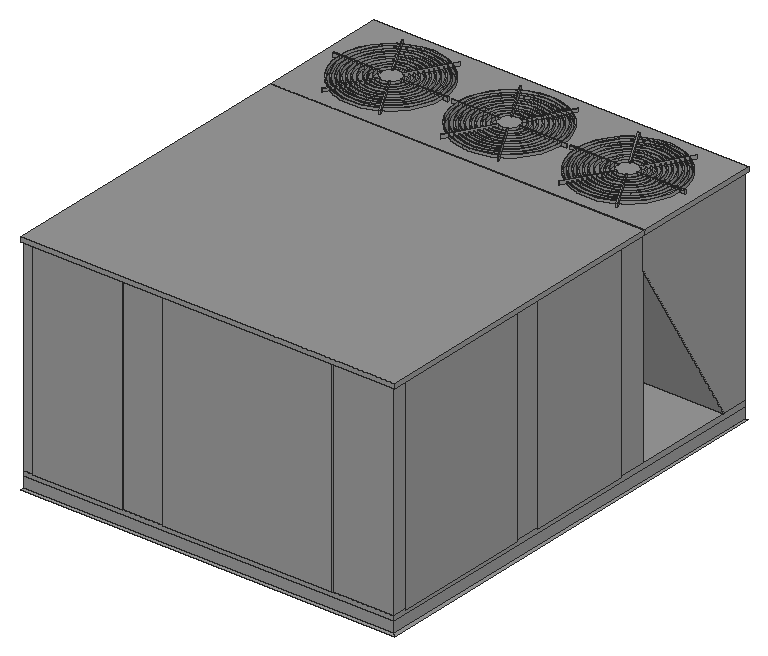
Revit family "RTU-3", category Mechanical Equipment, host Face, Revit 2025
Family settings
  Host = Face
  Round Connector Dimension = Use Diameter
  Classification = None
  Part Type = Normal
  Cut with Voids When Loaded = No
  Maintain Annotation Orientation = Yes
  Shared = No
  Room Calculation Point = No
Parameters (values of type "LCH 156 H4B L 1Y")
  URL = "https://tech.lennoxintl.com/C03e7o14l/VIu12Ch2uV/ehb_lch_cbox_2109.pdf"
  Model = "LCH 156 H4B L 1Y"
  Material = Aluminum 1100-O
  Manufacturer = "LENNOX"
  Grill Material = Steel, Paint Finish, Dark Gray
  Default Elevation = 48"
Reference planes (in)
  plane 1 "Center (Front/Back)": y = 0
  plane 2: z = 0
  plane 3 "Center (Left/Right)": x = 0
  plane 4: z = 53.5625
  plane 5: x = 44.5625
  plane 6: x = -44.5625
  plane 7: y = -52.75
  plane 8: y = 22.0625
  plane 9: z = 45.75
  plane 10: z = 54.625
  plane 11: y = 52.75
  plane 12: y = 46.375
  plane 13: x = -28.53125
  plane 14: y = 37.65625
  plane 15: x = 28.53125
  plane 16: x = 0
  plane 17: x = -12.5
  plane 18: x = 12.5
  plane 19: x = -30.90625
  plane 20: x = -31.90625
  plane 21: x = -32.90625
  plane 22: x = -33.90625
  plane 23: x = -34.90625
  plane 24: x = -35.90625
  plane 25: x = -36.90625
  plane 26: x = -37.90625
  plane 27: x = -38.90625
  plane 28: x = -39.90625
  plane 29: x = -40.90625
  plane 30: x = -42.34375
  plane 31: x = -41.03125
  plane 32: z = 55.25
  plane 33: x = -14.71875
  plane 34: x = -16.03125
  plane 35: through (-28.53125, 37.65625, 55) normal (-0.7071, -0.7071, 0)
  plane 36: through (-28.53125, 37.65625, 55) normal (-0.7071, 0.7071, 0)
  plane 37: through (-28.53125, 37.65625, 55) normal (0.7071, -0.7071, 0)
  plane 38: through (-28.53125, 37.65625, 55) normal (0.7071, 0.7071, 0)
  plane 39: x = -30.90625
  plane 40: x = -31.90625
  plane 41: x = -32.90625
  plane 42: x = -33.90625
  plane 43: x = -34.90625
  plane 44: x = -35.90625
  plane 45: x = -36.90625
  plane 46: x = -37.90625
  plane 47: x = -38.90625
  plane 48: x = -39.90625
  plane 49: x = -40.90625
  plane 50: x = -42.34375
  plane 51: x = -41.03125
  plane 52: x = -14.71875
  plane 53: x = -16.03125
  plane 54: x = -2.375
  plane 55: x = -3.375
  plane 56: x = -4.375
  plane 57: x = -5.375
  plane 58: x = -6.375
  plane 59: x = -7.375
  plane 60: x = -8.375
  plane 61: x = -9.375
  plane 62: x = -10.375
  plane 63: x = -11.375
  plane 64: x = -12.375
  plane 65: x = -13.8125
  plane 66: x = -12.5
  plane 67: x = 13.8125
  plane 68: x = 12.5
  plane 69: x = 26.15625
  plane 70: x = 25.15625
  plane 71: x = 24.15625
  plane 72: x = 23.15625
  plane 73: x = 22.15625
  plane 74: x = 21.15625
  plane 75: x = 20.15625
  plane 76: x = 19.15625
  plane 77: x = 18.15625
  plane 78: x = 17.15625
  plane 79: x = 16.15625
  plane 80: x = 14.71875
  plane 81: x = 16.03125
  plane 82: x = 42.34375
  plane 83: x = 41.03125
  plane 84: through (-34.15405, 50.35923, 110.75) normal (0.5, -0.866, 0)
  plane 85: through (-34.78125, 48.48157, 110.75) normal (-0.5, 0.866, 0)
  plane 86: through (-22.90845, 50.35923, 110.75) normal (0.5, 0.866, 0)
  plane 87: through (-22.28125, 48.48157, 110.75) normal (-0.5, -0.866, 0)
  plane 88: through (-34.15405, 24.95327, 110.75) normal (-0.5, -0.866, 0)
  plane 89: through (-34.78125, 26.83093, 110.75) normal (0.5, 0.866, 0)
  plane 90: through (-22.90845, 24.95327, 110.75) normal (-0.5, 0.866, 0)
  plane 91: through (-22.28125, 26.83093, 110.75) normal (0.5, -0.866, 0)
  plane 92: through (-34.15405, 50.35923, 110.75) normal (0.5, -0.866, 0)
  plane 93: through (-34.78125, 48.48157, 110.75) normal (-0.5, 0.866, 0)
  plane 94: through (-22.90845, 50.35923, 110.75) normal (0.5, 0.866, 0)
  plane 95: through (-22.28125, 48.48157, 110.75) normal (-0.5, -0.866, 0)
  plane 96: through (-34.15405, 24.95327, 110.75) normal (-0.5, -0.866, 0)
  plane 97: through (-34.78125, 26.83093, 110.75) normal (0.5, 0.866, 0)
  plane 98: through (-22.90845, 24.95327, 110.75) normal (-0.5, 0.866, 0)
  plane 99: through (-22.28125, 26.83093, 110.75) normal (0.5, -0.866, 0)
  plane 100: through (-5.6228, 50.35923, 110.75) normal (0.5, -0.866, 0)
  plane 101: through (-6.25, 48.48157, 110.75) normal (-0.5, 0.866, 0)
  plane 102: through (5.6228, 50.35923, 110.75) normal (0.5, 0.866, 0)
  plane 103: through (6.25, 48.48157, 110.75) normal (-0.5, -0.866, 0)
  plane 104: through (-5.6228, 24.95327, 110.75) normal (-0.5, -0.866, 0)
  plane 105: through (-6.25, 26.83093, 110.75) normal (0.5, 0.866, 0)
  plane 106: through (5.6228, 24.95327, 110.75) normal (-0.5, 0.866, 0)
  plane 107: through (6.25, 26.83093, 110.75) normal (0.5, -0.866, 0)
  plane 108: through (22.90845, 50.35923, 110.75) normal (0.5, -0.866, 0)
  plane 109: through (22.28125, 48.48157, 110.75) normal (-0.5, 0.866, 0)
  plane 110: through (34.15405, 50.35923, 110.75) normal (0.5, 0.866, 0)
  plane 111: through (34.78125, 48.48157, 110.75) normal (-0.5, -0.866, 0)
  plane 112: through (22.90845, 24.95327, 110.75) normal (-0.5, -0.866, 0)
  plane 113: through (22.28125, 26.83093, 110.75) normal (0.5, 0.866, 0)
  plane 114: through (34.15405, 24.95327, 110.75) normal (-0.5, 0.866, 0)
  plane 115: through (34.78125, 26.83093, 110.75) normal (0.5, -0.866, 0)
  plane 116: x = 44.5625
  plane 117: x = -8.4375
Forms (in)
  Extrusion 1, solid, material "Aluminum 1100-O" <- "Material"
    sketch origin (0, 0, 0) x (1, 0, 0) y (0, 1, 0)
      loop
        line (-44.5625, 22.0625) -> (-44.5625, -52.75) -> (44.5625, -52.75) -> (44.5625, 22.0625) -> (-44.5625, 22.0625)
    from 4.125 to 53.5625
  Extrusion 2, solid, material "Aluminum 1100-O" <- "Material"
    sketch origin (0, 0, -50.125) x (1, 0, 0) y (0, 1, 0)
      loop
        line (-44.5625, 52.75) -> (-44.5625, -52.75) -> (44.5625, -52.75) -> (44.5625, 52.75) -> (-44.5625, 52.75)
    from 53.0625 to 54.25
  Extrusion 3, solid, material "Aluminum 1100-O" <- "Material"
    sketch origin (0, 0, -51.3125) x (1, 0, 0) y (0, 1, 0)
      loop
        line (-44.5625, 52.75) -> (-44.5625, -52.75) -> (44.5625, -52.75) -> (44.5625, 52.75) -> (-44.5625, 52.75)
    from 51.6875 to 54.25
  Blend 4, solid, material "Aluminum 1100-O" <- "Material"
    base sketch origin (0, 0, 0) x (1, 0, 0) y (0, 1, 0)
      loop
        line (-45.0625, 53.25) -> (-45.0625, -53.25) -> (45.0625, -53.25) -> (45.0625, 53.25) -> (-45.0625, 53.25)
    top sketch origin (0, 0, 0) x (1, 0, 0) y (0, 1, 0)
      loop
        line (-44.5625, 52.75) -> (-44.5625, -52.75) -> (44.5625, -52.75) -> (44.5625, 52.75) -> (-44.5625, 52.75)
    from 0 to 0.375
  Extrusion 5, solid, material "Aluminum 1100-O" <- "Material"
    sketch origin (0, 0, 0) x (0, 1, 0) y (0, 0, 1)
      loop
        line (22.0625, 45.75) -> (46.375, 4.125) -> (52.75, 4.125) -> (52.75, 53.5625) -> (22.0625, 53.5625) -> (22.0625, 45.75)
    from -44.5625 to 44.5625
  Extrusion 6, solid, material "Aluminum 1100-O" <- "Material"
    sketch origin (0, 0, 0) x (1, 0, 0) y (0, 1, 0)
      loop
        line (-45.0625, 22.0625) -> (-45.0625, -53.25) -> (45.0625, -53.25) -> (45.0625, 22.0625) -> (-45.0625, 22.0625)
    from 53.5625 to 54.625
  Extrusion 7, solid, material "Aluminum 1100-O" <- "Material"
    sketch origin (0, 75.3125, 0) x (1, 0, 0) y (0, 1, 0)
      loop
        line (-45.0625, -22.0625) -> (-45.0625, -53.25) -> (45.0625, -53.25) -> (45.0625, -22.0625) -> (-45.0625, -22.0625)
    from 53.5625 to 54.625
  Extrusion 8, void
    sketch origin (-8.58719, -1.71744, 0) x (1, 0, 0) y (0, 1, 0)
      loop
        circle (8.58719, 39.37369) r 12.5
      loop
        circle (-19.94406, 39.37369) r 12.5
      loop
        circle (37.11844, 39.37369) r 12.5
    from 45.45857 to 54.625
  Extrusion 9, solid, material "Steel, Paint Finish, Dark Gray" <- "Grill Material"
    sketch origin (0, 0, 54.625) x (1, 0, 0) y (0, 1, 0)
      loop
        circle (-28.53125, 37.65625) r 2.375
      loop
        circle (-28.53125, 37.65625) r 3.375
      loop
        circle (-28.53125, 37.65625) r 3.5
      loop
        circle (-28.53125, 37.65625) r 4.375
      loop
        circle (-28.53125, 37.65625) r 5.25
      loop
        circle (-28.53125, 37.65625) r 4.5
      loop
        circle (-28.53125, 37.65625) r 5.375
      loop
        circle (-28.53125, 37.65625) r 6.375
      loop
        circle (-28.53125, 37.65625) r 7.375
      loop
        circle (-28.53125, 37.65625) r 9.375
      loop
        circle (-28.53125, 37.65625) r 10.375
      loop
        circle (-28.53125, 37.65625) r 11.375
      loop
        circle (-28.53125, 37.65625) r 12.375
      loop
        circle (-28.53125, 37.65625) r 12.5
      loop
        circle (-28.53125, 37.65625) r 7.5
      loop
        circle (-28.53125, 37.65625) r 9.5
      loop
        circle (-28.53125, 37.65625) r 10.5
      loop
        circle (-28.53125, 37.65625) r 11.5
      loop
        circle (-28.53125, 37.65625) r 8.375
      loop
        circle (-28.53125, 37.65625) r 8.5
      loop
        circle (-28.53125, 37.65625) r 6.5
    from 0 to 0.625
  Extrusion 10, solid, material "Steel, Paint Finish, Dark Gray" <- "Grill Material"
    sketch origin (0, 0, 55.75) x (1, 0, 0) y (0, 1, 0)
      loop
        line (-42.34375, 37.78125) -> (-42.34375, 37.53125) -> (-30.90296, 37.53125)
        arc (-30.90296, 37.53125) -> (-30.90543, 37.59373) -> (-30.90625, 37.65625) r 2.375
        arc (-30.90625, 37.65625) -> (-30.90543, 37.71877) -> (-30.90296, 37.78125) r 2.375
        line (-30.90296, 37.78125) -> (-42.34375, 37.78125)
    from -1.125 to -0.3427
  Extrusion 11, solid, material "Steel, Paint Finish, Dark Gray" <- "Grill Material"
    sketch origin (-57.0625, 0, 55.75) x (-1, 0, 0) y (0, -1, 0)
      loop
        line (-42.34375, -37.78125) -> (-30.90296, -37.78125)
        arc (-30.90296, -37.78125) -> (-30.90543, -37.71877) -> (-30.90625, -37.65625) r 2.375
        arc (-30.90625, -37.65625) -> (-30.90543, -37.59373) -> (-30.90296, -37.53125) r 2.375
        line (-30.90296, -37.53125) -> (-42.34375, -37.53125) -> (-42.34375, -37.78125)
    from -1.125 to -0.3427
  Extrusion 12, solid, material "Steel, Paint Finish, Dark Gray" <- "Grill Material", not visible
    sketch origin (0, 0, 54.625) x (1, 0, 0) y (0, 1, 0)
      loop
        circle (-28.53125, 37.65625) r 2.375
      loop
        circle (-28.53125, 37.65625) r 3.375
      loop
        circle (-28.53125, 37.65625) r 3.5
      loop
        circle (-28.53125, 37.65625) r 4.375
      loop
        circle (-28.53125, 37.65625) r 5.25
      loop
        circle (-28.53125, 37.65625) r 4.5
      loop
        circle (-28.53125, 37.65625) r 5.375
      loop
        circle (-28.53125, 37.65625) r 6.375
      loop
        circle (-28.53125, 37.65625) r 7.375
      loop
        circle (-28.53125, 37.65625) r 9.375
      loop
        circle (-28.53125, 37.65625) r 10.375
      loop
        circle (-28.53125, 37.65625) r 11.375
      loop
        circle (-28.53125, 37.65625) r 12.375
      loop
        circle (-28.53125, 37.65625) r 12.5
      loop
        circle (-28.53125, 37.65625) r 7.5
      loop
        circle (-28.53125, 37.65625) r 9.5
      loop
        circle (-28.53125, 37.65625) r 10.5
      loop
        circle (-28.53125, 37.65625) r 11.5
      loop
        circle (-28.53125, 37.65625) r 8.375
      loop
        circle (-28.53125, 37.65625) r 8.5
      loop
        circle (-28.53125, 37.65625) r 6.5
    from 0 to 0.625
  Extrusion 13, solid, material "Steel, Paint Finish, Dark Gray" <- "Grill Material", not visible
    sketch origin (0, 0, 55.75) x (1, 0, 0) y (0, 1, 0)
      loop
        line (-42.34375, 37.78125) -> (-42.34375, 37.53125) -> (-30.90296, 37.53125)
        arc (-30.90296, 37.53125) -> (-30.90543, 37.59373) -> (-30.90625, 37.65625) r 2.375
        arc (-30.90625, 37.65625) -> (-30.90543, 37.71877) -> (-30.90296, 37.78125) r 2.375
        line (-30.90296, 37.78125) -> (-42.34375, 37.78125)
    from -1.125 to -0.3427
  Extrusion 14, solid, material "Steel, Paint Finish, Dark Gray" <- "Grill Material", not visible
    sketch origin (-57.0625, 0, 55.75) x (-1, 0, 0) y (0, -1, 0)
      loop
        line (-42.34375, -37.78125) -> (-30.90296, -37.78125)
        arc (-30.90296, -37.78125) -> (-30.90543, -37.71877) -> (-30.90625, -37.65625) r 2.375
        arc (-30.90625, -37.65625) -> (-30.90543, -37.59373) -> (-30.90296, -37.53125) r 2.375
        line (-30.90296, -37.53125) -> (-42.34375, -37.53125) -> (-42.34375, -37.78125)
    from -1.125 to -0.3427
  Extrusion 15, solid, material "Steel, Paint Finish, Dark Gray" <- "Grill Material"
    sketch origin (28.53125, 0, 54.625) x (1, 0, 0) y (0, 1, 0)
      loop
        circle (-28.53125, 37.65625) r 2.375
      loop
        circle (-28.53125, 37.65625) r 3.375
      loop
        circle (-28.53125, 37.65625) r 3.5
      loop
        circle (-28.53125, 37.65625) r 4.375
      loop
        circle (-28.53125, 37.65625) r 5.25
      loop
        circle (-28.53125, 37.65625) r 4.5
      loop
        circle (-28.53125, 37.65625) r 5.375
      loop
        circle (-28.53125, 37.65625) r 6.375
      loop
        circle (-28.53125, 37.65625) r 7.375
      loop
        circle (-28.53125, 37.65625) r 9.375
      loop
        circle (-28.53125, 37.65625) r 10.375
      loop
        circle (-28.53125, 37.65625) r 11.375
      loop
        circle (-28.53125, 37.65625) r 12.375
      loop
        circle (-28.53125, 37.65625) r 12.5
      loop
        circle (-28.53125, 37.65625) r 7.5
      loop
        circle (-28.53125, 37.65625) r 9.5
      loop
        circle (-28.53125, 37.65625) r 10.5
      loop
        circle (-28.53125, 37.65625) r 11.5
      loop
        circle (-28.53125, 37.65625) r 8.375
      loop
        circle (-28.53125, 37.65625) r 8.5
      loop
        circle (-28.53125, 37.65625) r 6.5
    from 0 to 0.625
  Extrusion 16, solid, material "Steel, Paint Finish, Dark Gray" <- "Grill Material"
    sketch origin (28.53125, 0, 55.75) x (1, 0, 0) y (0, 1, 0)
      loop
        line (-42.34375, 37.78125) -> (-42.34375, 37.53125) -> (-30.90296, 37.53125)
        arc (-30.90296, 37.53125) -> (-30.90543, 37.59373) -> (-30.90625, 37.65625) r 2.375
        arc (-30.90625, 37.65625) -> (-30.90543, 37.71877) -> (-30.90296, 37.78125) r 2.375
        line (-30.90296, 37.78125) -> (-42.34375, 37.78125)
    from -1.125 to -0.3427
  Extrusion 17, solid, material "Steel, Paint Finish, Dark Gray" <- "Grill Material"
    sketch origin (-28.53125, 0, 55.75) x (-1, 0, 0) y (0, -1, 0)
      loop
        line (-42.34375, -37.78125) -> (-30.90296, -37.78125)
        arc (-30.90296, -37.78125) -> (-30.90543, -37.71877) -> (-30.90625, -37.65625) r 2.375
        arc (-30.90625, -37.65625) -> (-30.90543, -37.59373) -> (-30.90296, -37.53125) r 2.375
        line (-30.90296, -37.53125) -> (-42.34375, -37.53125) -> (-42.34375, -37.78125)
    from -1.125 to -0.3427
  Extrusion 18, solid, material "Steel, Paint Finish, Dark Gray" <- "Grill Material"
    sketch origin (57.0625, 0, 54.625) x (1, 0, 0) y (0, 1, 0)
      loop
        circle (-28.53125, 37.65625) r 2.375
      loop
        circle (-28.53125, 37.65625) r 3.375
      loop
        circle (-28.53125, 37.65625) r 3.5
      loop
        circle (-28.53125, 37.65625) r 4.375
      loop
        circle (-28.53125, 37.65625) r 5.25
      loop
        circle (-28.53125, 37.65625) r 4.5
      loop
        circle (-28.53125, 37.65625) r 5.375
      loop
        circle (-28.53125, 37.65625) r 6.375
      loop
        circle (-28.53125, 37.65625) r 7.375
      loop
        circle (-28.53125, 37.65625) r 9.375
      loop
        circle (-28.53125, 37.65625) r 10.375
      loop
        circle (-28.53125, 37.65625) r 11.375
      loop
        circle (-28.53125, 37.65625) r 12.375
      loop
        circle (-28.53125, 37.65625) r 12.5
      loop
        circle (-28.53125, 37.65625) r 7.5
      loop
        circle (-28.53125, 37.65625) r 9.5
      loop
        circle (-28.53125, 37.65625) r 10.5
      loop
        circle (-28.53125, 37.65625) r 11.5
      loop
        circle (-28.53125, 37.65625) r 8.375
      loop
        circle (-28.53125, 37.65625) r 8.5
      loop
        circle (-28.53125, 37.65625) r 6.5
    from 0 to 0.625
  Extrusion 19, solid, material "Steel, Paint Finish, Dark Gray" <- "Grill Material"
    sketch origin (57.0625, 0, 55.75) x (1, 0, 0) y (0, 1, 0)
      loop
        line (-42.34375, 37.78125) -> (-42.34375, 37.53125) -> (-30.90296, 37.53125)
        arc (-30.90296, 37.53125) -> (-30.90543, 37.59373) -> (-30.90625, 37.65625) r 2.375
        arc (-30.90625, 37.65625) -> (-30.90543, 37.71877) -> (-30.90296, 37.78125) r 2.375
        line (-30.90296, 37.78125) -> (-42.34375, 37.78125)
    from -1.125 to -0.3427
  Extrusion 20, solid, material "Steel, Paint Finish, Dark Gray" <- "Grill Material"
    sketch origin (0, 0, 55.75) x (-1, 0, 0) y (0, -1, 0)
      loop
        line (-42.34375, -37.78125) -> (-30.90296, -37.78125)
        arc (-30.90296, -37.78125) -> (-30.90543, -37.71877) -> (-30.90625, -37.65625) r 2.375
        arc (-30.90625, -37.65625) -> (-30.90543, -37.59373) -> (-30.90296, -37.53125) r 2.375
        line (-30.90296, -37.53125) -> (-42.34375, -37.53125) -> (-42.34375, -37.78125)
    from -1.125 to -0.3427
  Extrusion 21, void
    sketch origin (0, 0, 0) x (1, 0, 0) y (0, 1, 0)
      loop
        line (-41.4375, 20.5) -> (-41.4375, -39.5) -> (-26.4375, -39.5) -> (-26.4375, 20.5) -> (-41.4375, 20.5)
      loop
        line (-8.4375, 20.5) -> (-8.4375, -39.5) -> (11.5625, -39.5) -> (11.5625, 20.5) -> (-8.4375, 20.5)
      loop
        line (33.0625, -44.25) -> (33.0625, -49.25) -> (41.0625, -49.25) -> (41.0625, -44.25) -> (33.0625, -44.25)
    from 0 to 12
  Extrusion 22, solid, material "Steel, Paint Finish, Dark Gray" <- "Grill Material"
    sketch origin (-46.87689, -5.88066, 55.75) x (0.5, -0.866025, 0) y (0.866025, 0.5, 0)
      loop
        line (-42.34375, 37.78125) -> (-42.34375, 37.53125) -> (-30.90296, 37.53125)
        arc (-30.90296, 37.53125) -> (-30.90543, 37.59373) -> (-30.90625, 37.65625) r 2.375
        arc (-30.90625, 37.65625) -> (-30.90543, 37.71877) -> (-30.90296, 37.78125) r 2.375
        line (-30.90296, 37.78125) -> (-42.34375, 37.78125)
    from -1.125 to -0.3427
  Extrusion 23, solid, material "Steel, Paint Finish, Dark Gray" <- "Grill Material"
    sketch origin (-10.18561, -5.88066, 55.75) x (-0.5, -0.866025, 0) y (0.866025, -0.5, 0)
      loop
        line (-42.34375, -37.78125) -> (-30.90296, -37.78125)
        arc (-30.90296, -37.78125) -> (-30.90543, -37.71877) -> (-30.90625, -37.65625) r 2.375
        arc (-30.90625, -37.65625) -> (-30.90543, -37.59373) -> (-30.90296, -37.53125) r 2.375
        line (-30.90296, -37.53125) -> (-42.34375, -37.53125) -> (-42.34375, -37.78125)
    from -1.125 to -0.3427
  Extrusion 24, solid, material "Steel, Paint Finish, Dark Gray" <- "Grill Material"
    sketch origin (-46.87689, 81.19316, 55.75) x (0.5, 0.866025, 0) y (-0.866025, 0.5, 0)
      loop
        line (-42.34375, -37.78125) -> (-30.90296, -37.78125)
        arc (-30.90296, -37.78125) -> (-30.90543, -37.71877) -> (-30.90625, -37.65625) r 2.375
        arc (-30.90625, -37.65625) -> (-30.90543, -37.59373) -> (-30.90296, -37.53125) r 2.375
        line (-30.90296, -37.53125) -> (-42.34375, -37.53125) -> (-42.34375, -37.78125)
    from -1.125 to -0.3427
  Extrusion 25, solid, material "Steel, Paint Finish, Dark Gray" <- "Grill Material"
    sketch origin (-10.18561, 81.19316, 55.75) x (-0.5, 0.866025, 0) y (-0.866025, -0.5, 0)
      loop
        line (-42.34375, 37.78125) -> (-42.34375, 37.53125) -> (-30.90296, 37.53125)
        arc (-30.90296, 37.53125) -> (-30.90543, 37.59373) -> (-30.90625, 37.65625) r 2.375
        arc (-30.90625, 37.65625) -> (-30.90543, 37.71877) -> (-30.90296, 37.78125) r 2.375
        line (-30.90296, 37.78125) -> (-42.34375, 37.78125)
    from -1.125 to -0.3427
  Extrusion 26, solid, material "Steel, Paint Finish, Dark Gray" <- "Grill Material", not visible
    sketch origin (-46.87689, -5.88066, 55.75) x (0.5, -0.866025, 0) y (0.866025, 0.5, 0)
      loop
        line (-42.34375, 37.78125) -> (-42.34375, 37.53125) -> (-30.90296, 37.53125)
        arc (-30.90296, 37.53125) -> (-30.90543, 37.59373) -> (-30.90625, 37.65625) r 2.375
        arc (-30.90625, 37.65625) -> (-30.90543, 37.71877) -> (-30.90296, 37.78125) r 2.375
        line (-30.90296, 37.78125) -> (-42.34375, 37.78125)
    from -1.125 to -0.3427
  Extrusion 27, solid, material "Steel, Paint Finish, Dark Gray" <- "Grill Material", not visible
    sketch origin (-10.18561, -5.88066, 55.75) x (-0.5, -0.866025, 0) y (0.866025, -0.5, 0)
      loop
        line (-42.34375, -37.78125) -> (-30.90296, -37.78125)
        arc (-30.90296, -37.78125) -> (-30.90543, -37.71877) -> (-30.90625, -37.65625) r 2.375
        arc (-30.90625, -37.65625) -> (-30.90543, -37.59373) -> (-30.90296, -37.53125) r 2.375
        line (-30.90296, -37.53125) -> (-42.34375, -37.53125) -> (-42.34375, -37.78125)
    from -1.125 to -0.3427
  Extrusion 28, solid, material "Steel, Paint Finish, Dark Gray" <- "Grill Material", not visible
    sketch origin (-46.87689, 81.19316, 55.75) x (0.5, 0.866025, 0) y (-0.866025, 0.5, 0)
      loop
        line (-42.34375, -37.78125) -> (-30.90296, -37.78125)
        arc (-30.90296, -37.78125) -> (-30.90543, -37.71877) -> (-30.90625, -37.65625) r 2.375
        arc (-30.90625, -37.65625) -> (-30.90543, -37.59373) -> (-30.90296, -37.53125) r 2.375
        line (-30.90296, -37.53125) -> (-42.34375, -37.53125) -> (-42.34375, -37.78125)
    from -1.125 to -0.3427
  Extrusion 29, solid, material "Steel, Paint Finish, Dark Gray" <- "Grill Material", not visible
    sketch origin (-10.18561, 81.19316, 55.75) x (-0.5, 0.866025, 0) y (-0.866025, -0.5, 0)
      loop
        line (-42.34375, 37.78125) -> (-42.34375, 37.53125) -> (-30.90296, 37.53125)
        arc (-30.90296, 37.53125) -> (-30.90543, 37.59373) -> (-30.90625, 37.65625) r 2.375
        arc (-30.90625, 37.65625) -> (-30.90543, 37.71877) -> (-30.90296, 37.78125) r 2.375
        line (-30.90296, 37.78125) -> (-42.34375, 37.78125)
    from -1.125 to -0.3427
  Extrusion 30, solid, material "Steel, Paint Finish, Dark Gray" <- "Grill Material"
    sketch origin (-18.34564, -5.88066, 55.75) x (0.5, -0.866025, 0) y (0.866025, 0.5, 0)
      loop
        line (-42.34375, 37.78125) -> (-42.34375, 37.53125) -> (-30.90296, 37.53125)
        arc (-30.90296, 37.53125) -> (-30.90543, 37.59373) -> (-30.90625, 37.65625) r 2.375
        arc (-30.90625, 37.65625) -> (-30.90543, 37.71877) -> (-30.90296, 37.78125) r 2.375
        line (-30.90296, 37.78125) -> (-42.34375, 37.78125)
    from -1.125 to -0.3427
  Extrusion 31, solid, material "Steel, Paint Finish, Dark Gray" <- "Grill Material"
    sketch origin (18.34564, -5.88066, 55.75) x (-0.5, -0.866025, 0) y (0.866025, -0.5, 0)
      loop
        line (-42.34375, -37.78125) -> (-30.90296, -37.78125)
        arc (-30.90296, -37.78125) -> (-30.90543, -37.71877) -> (-30.90625, -37.65625) r 2.375
        arc (-30.90625, -37.65625) -> (-30.90543, -37.59373) -> (-30.90296, -37.53125) r 2.375
        line (-30.90296, -37.53125) -> (-42.34375, -37.53125) -> (-42.34375, -37.78125)
    from -1.125 to -0.3427
  Extrusion 32, solid, material "Steel, Paint Finish, Dark Gray" <- "Grill Material"
    sketch origin (-18.34564, 81.19316, 55.75) x (0.5, 0.866025, 0) y (-0.866025, 0.5, 0)
      loop
        line (-42.34375, -37.78125) -> (-30.90296, -37.78125)
        arc (-30.90296, -37.78125) -> (-30.90543, -37.71877) -> (-30.90625, -37.65625) r 2.375
        arc (-30.90625, -37.65625) -> (-30.90543, -37.59373) -> (-30.90296, -37.53125) r 2.375
        line (-30.90296, -37.53125) -> (-42.34375, -37.53125) -> (-42.34375, -37.78125)
    from -1.125 to -0.3427
  Extrusion 33, solid, material "Steel, Paint Finish, Dark Gray" <- "Grill Material"
    sketch origin (18.34564, 81.19316, 55.75) x (-0.5, 0.866025, 0) y (-0.866025, -0.5, 0)
      loop
        line (-42.34375, 37.78125) -> (-42.34375, 37.53125) -> (-30.90296, 37.53125)
        arc (-30.90296, 37.53125) -> (-30.90543, 37.59373) -> (-30.90625, 37.65625) r 2.375
        arc (-30.90625, 37.65625) -> (-30.90543, 37.71877) -> (-30.90296, 37.78125) r 2.375
        line (-30.90296, 37.78125) -> (-42.34375, 37.78125)
    from -1.125 to -0.3427
  Extrusion 34, solid, material "Steel, Paint Finish, Dark Gray" <- "Grill Material"
    sketch origin (10.18561, -5.88066, 55.75) x (0.5, -0.866025, 0) y (0.866025, 0.5, 0)
      loop
        line (-42.34375, 37.78125) -> (-42.34375, 37.53125) -> (-30.90296, 37.53125)
        arc (-30.90296, 37.53125) -> (-30.90543, 37.59373) -> (-30.90625, 37.65625) r 2.375
        arc (-30.90625, 37.65625) -> (-30.90543, 37.71877) -> (-30.90296, 37.78125) r 2.375
        line (-30.90296, 37.78125) -> (-42.34375, 37.78125)
    from -1.125 to -0.3427
  Extrusion 35, solid, material "Steel, Paint Finish, Dark Gray" <- "Grill Material"
    sketch origin (46.87689, -5.88066, 55.75) x (-0.5, -0.866025, 0) y (0.866025, -0.5, 0)
      loop
        line (-42.34375, -37.78125) -> (-30.90296, -37.78125)
        arc (-30.90296, -37.78125) -> (-30.90543, -37.71877) -> (-30.90625, -37.65625) r 2.375
        arc (-30.90625, -37.65625) -> (-30.90543, -37.59373) -> (-30.90296, -37.53125) r 2.375
        line (-30.90296, -37.53125) -> (-42.34375, -37.53125) -> (-42.34375, -37.78125)
    from -1.125 to -0.3427
  Extrusion 36, solid, material "Steel, Paint Finish, Dark Gray" <- "Grill Material"
    sketch origin (10.18561, 81.19316, 55.75) x (0.5, 0.866025, 0) y (-0.866025, 0.5, 0)
      loop
        line (-42.34375, -37.78125) -> (-30.90296, -37.78125)
        arc (-30.90296, -37.78125) -> (-30.90543, -37.71877) -> (-30.90625, -37.65625) r 2.375
        arc (-30.90625, -37.65625) -> (-30.90543, -37.59373) -> (-30.90296, -37.53125) r 2.375
        line (-30.90296, -37.53125) -> (-42.34375, -37.53125) -> (-42.34375, -37.78125)
    from -1.125 to -0.3427
  Extrusion 37, solid, material "Steel, Paint Finish, Dark Gray" <- "Grill Material"
    sketch origin (46.87689, 81.19316, 55.75) x (-0.5, 0.866025, 0) y (-0.866025, -0.5, 0)
      loop
        line (-42.34375, 37.78125) -> (-42.34375, 37.53125) -> (-30.90296, 37.53125)
        arc (-30.90296, 37.53125) -> (-30.90543, 37.59373) -> (-30.90625, 37.65625) r 2.375
        arc (-30.90625, 37.65625) -> (-30.90543, 37.71877) -> (-30.90296, 37.78125) r 2.375
        line (-30.90296, 37.78125) -> (-42.34375, 37.78125)
    from -1.125 to -0.3427
Cuts and joins
  Extrusion 8, Extrusion 21 cuts Extrusion 2
  Extrusion 8, Extrusion 21 cuts Extrusion 3
  Extrusion 8, Extrusion 21 cuts Blend 4
  Extrusion 8 cuts Extrusion 5
  Extrusion 8 cuts Extrusion 7
  Extrusion 21 cuts Extrusion 1
Dimensions and locks (in)
  equal spacing: Extrusion 1 sketch curve, plane 3 "Center (Left/Right)", Extrusion 1 sketch curve
  plane 3 "Center (Left/Right)" to Extrusion 1 sketch curve = 44 9/16"
  Extrusion 1 sketch curve to Extrusion 1 sketch curve = 89 1/8"
  plane 1 "Center (Front/Back)" to Extrusion 1 sketch curve = 52 3/4"
  Extrusion 1 sketch curve to Extrusion 1 sketch curve = 74 13/16"
  plane 4 to plane 2 = 53 9/16"  (x2)
  Extrusion 1 to nested 1 = 3 1/8"  (x2)
  plane 4 to nested 1 = 0"
  nested 1 to nested 2 = 6 3/8"
  plane 2 to plane 4 = 53 9/16"
  Extrusion 2 sketch curve to Extrusion 2 sketch curve = 89 1/8"  (x2)
  Extrusion 2 sketch curve to Extrusion 2 sketch curve = 105 1/2"  (x2)
  Extrusion 3 sketch curve to Extrusion 3 sketch curve = 89 1/8"  (x2)
  Extrusion 3 sketch curve to Extrusion 3 sketch curve = 105 1/2"  (x2)
  plane 6 to Extrusion 1 = 0"
  nested 1 to nested 1 = 33 1/2"
  equal spacing: cut or joined group of Extrusion 7, Extrusion 8, plane 14, cut or joined group of Extrusion 7, Extrusion 8
  equal spacing: plane 6, plane 13, plane 17
  equal spacing: plane 18, plane 15, plane 5
  Extrusion 6 to Extrusion 21 sketch curve = 3 5/8"
  Extrusion 21 sketch curve to Extrusion 6 = 13 3/4"
  Extrusion 21 sketch curve to Extrusion 21 sketch curve = 60"
  cut or joined group of Extrusion 1, Extrusion 21 to Extrusion 6 = 1/2"
  Extrusion 21 sketch curve to plane 116 = 33"
  plane 7 to Extrusion 21 sketch curve = 73 1/4"
  Extrusion 21 sketch curve to plane 117 = 18"
  aligned and locked: host face to plane 2
  aligned and locked: host face to level
  aligned and locked: plane 4 to Extrusion 1
  aligned and locked: plane 4 to Extrusion 5
  aligned and locked: Extrusion 6 to plane 4
  aligned and locked: plane 10 to Extrusion 6
Automatic sketch dimensions
  Extrusion 9 sketch curve to Extrusion 9 sketch curve = 0"  (x460)
  Extrusion 10 sketch curve to Extrusion 10 sketch curve = 0"  (x4)
  Extrusion 10 sketch curve to plane 30 = 0"
  Extrusion 11 sketch curve to Extrusion 11 sketch curve = 0"  (x4)
  Extrusion 11 sketch curve to plane 33 = 0"
  Extrusion 9 sketch curve to plane 19 = 2 3/8"
  Extrusion 10 sketch curve to plane 31 = 10.12829"
  Extrusion 10 sketch curve to Extrusion 10 sketch curve = 2.37171"
  Extrusion 10 sketch curve to Extrusion 10 sketch curve = 1/8"
  Extrusion 11 sketch curve to plane 34 = 10.12829"
  Extrusion 11 sketch curve to Extrusion 11 sketch curve = 2.37171"
  Extrusion 11 sketch curve to Extrusion 11 sketch curve = 1/8"
  Extrusion 12 sketch curve to Extrusion 12 sketch curve = 0"  (x460)
  Extrusion 13 sketch curve to Extrusion 13 sketch curve = 0"  (x4)
  Extrusion 13 sketch curve to plane 50 = 0"
  Extrusion 14 sketch curve to Extrusion 14 sketch curve = 0"  (x4)
  Extrusion 14 sketch curve to plane 52 = 0"
  Extrusion 12 sketch curve to plane 39 = 2 3/8"
  Extrusion 13 sketch curve to plane 51 = 10.12829"
  Extrusion 13 sketch curve to Extrusion 13 sketch curve = 2.37171"
  Extrusion 13 sketch curve to Extrusion 13 sketch curve = 1/8"
  Extrusion 14 sketch curve to plane 53 = 10.12829"
  Extrusion 14 sketch curve to Extrusion 14 sketch curve = 2.37171"
  Extrusion 14 sketch curve to Extrusion 14 sketch curve = 1/8"
  Extrusion 15 sketch curve to Extrusion 15 sketch curve = 0"  (x460)
  Extrusion 16 sketch curve to Extrusion 16 sketch curve = 0"  (x4)
  Extrusion 16 sketch curve to plane 65 = 0"
  Extrusion 17 sketch curve to Extrusion 17 sketch curve = 0"  (x4)
  Extrusion 17 sketch curve to plane 67 = 0"
  Extrusion 15 sketch curve to plane 54 = 2 3/8"
  Extrusion 16 sketch curve to plane 66 = 10.12829"
  Extrusion 16 sketch curve to Extrusion 16 sketch curve = 2.37171"
  Extrusion 16 sketch curve to Extrusion 16 sketch curve = 1/8"
  Extrusion 17 sketch curve to plane 68 = 10.12829"
  Extrusion 17 sketch curve to Extrusion 17 sketch curve = 2.37171"
  Extrusion 17 sketch curve to Extrusion 17 sketch curve = 1/8"
  host sketch curve to host sketch curve = 306.31449"
  host sketch curve to host sketch curve = 326.2252"
  Extrusion 2 sketch curve to plane 6 = 0"
  plane 7 to Extrusion 2 sketch curve = 0"
  Extrusion 3 sketch curve to plane 6 = 0"
  plane 7 to Extrusion 3 sketch curve = 0"
  Extrusion 18 sketch curve to Extrusion 18 sketch curve = 0"  (x460)
  Extrusion 19 sketch curve to Extrusion 19 sketch curve = 0"  (x4)
  Extrusion 19 sketch curve to plane 80 = 0"
  Extrusion 20 sketch curve to Extrusion 20 sketch curve = 0"  (x4)
  Extrusion 20 sketch curve to plane 82 = 0"
  Extrusion 18 sketch curve to plane 69 = 2 3/8"
  Extrusion 19 sketch curve to plane 81 = 10.12829"
  Extrusion 19 sketch curve to Extrusion 19 sketch curve = 2.37171"
  Extrusion 19 sketch curve to Extrusion 19 sketch curve = 1/8"
  Extrusion 20 sketch curve to plane 83 = 10.12829"
  Extrusion 20 sketch curve to Extrusion 20 sketch curve = 2.37171"
  Extrusion 20 sketch curve to Extrusion 20 sketch curve = 1/8"
  Extrusion 22 sketch curve to Extrusion 22 sketch curve = 0"  (x6)
  plane 84 to Extrusion 22 sketch curve = 0"  (x2)
  Extrusion 22 sketch curve to plane 85 = 10.12829"  (x2)
  Extrusion 22 sketch curve to Extrusion 22 sketch curve = 2.37171"  (x2)
  Extrusion 22 sketch curve to Extrusion 22 sketch curve = 1/8"  (x2)
  Extrusion 23 sketch curve to Extrusion 23 sketch curve = 0"  (x6)
  plane 86 to Extrusion 23 sketch curve = 0"  (x2)
  Extrusion 23 sketch curve to plane 87 = 10.12829"  (x2)
  Extrusion 23 sketch curve to Extrusion 23 sketch curve = 2.37171"  (x2)
  Extrusion 23 sketch curve to Extrusion 23 sketch curve = 1/8"  (x2)
  Blend 4 sketch curve to plane 6 = 1/2"
  plane 5 to Blend 4 sketch curve = 1/2"
  plane 7 to Blend 4 sketch curve = 1/2"
  plane 11 to Blend 4 sketch curve = 1/2"
  Blend 4 sketch curve to plane 6 = 0"
  Blend 4 sketch curve to plane 5 = 0"
  plane 7 to Blend 4 sketch curve = 0"
  Blend 4 sketch curve to plane 11 = 0"
  Extrusion 5 sketch curve to plane 8 = 0"
  Extrusion 5 sketch curve to plane 12 = 0"
  Extrusion 5 sketch curve to plane 4 = 0"
  Extrusion 5 sketch curve to plane 11 = 0"
  Extrusion 5 sketch curve to plane 9 = 0"
  level to Extrusion 5 sketch curve = 4 1/8"
  Extrusion 6 sketch curve to plane 8 = 0"
  Extrusion 6 sketch curve to plane 6 = 1/2"
  plane 5 to Extrusion 6 sketch curve = 1/2"
  plane 7 to Extrusion 6 sketch curve = 1/2"
  Extrusion 7 sketch curve to plane 8 = 0"
  Extrusion 7 sketch curve to plane 6 = 1/2"
  plane 5 to Extrusion 7 sketch curve = 1/2"
  plane 11 to Extrusion 7 sketch curve = 1/2"
  Extrusion 8 sketch curve to plane 13 = 0"
  Extrusion 8 sketch curve to plane 3 "Center (Left/Right)" = 0"
  plane 14 to Extrusion 8 sketch curve = 0"
  Extrusion 8 sketch curve to plane 15 = 0"
  Extrusion 8 sketch curve to plane 14 = 0"  (x2)
  Extrusion 24 sketch curve to Extrusion 24 sketch curve = 0"  (x6)
  Extrusion 24 sketch curve to plane 88 = 0"  (x2)
  Extrusion 24 sketch curve to plane 89 = 10.12829"  (x2)
  Extrusion 24 sketch curve to Extrusion 24 sketch curve = 2.37171"  (x2)
  Extrusion 24 sketch curve to Extrusion 24 sketch curve = 1/8"  (x2)
  Extrusion 25 sketch curve to Extrusion 25 sketch curve = 0"  (x6)
  Extrusion 25 sketch curve to plane 90 = 0"  (x2)
  Extrusion 25 sketch curve to plane 91 = 10.12829"  (x2)
  Extrusion 25 sketch curve to Extrusion 25 sketch curve = 2.37171"  (x2)
  Extrusion 25 sketch curve to Extrusion 25 sketch curve = 1/8"  (x2)
  plane 100 to Extrusion 30 sketch curve = 0"  (x2)
  Extrusion 30 sketch curve to plane 101 = 10.12829"  (x2)
  plane 102 to Extrusion 31 sketch curve = 0"  (x2)
  Extrusion 31 sketch curve to plane 103 = 10.12829"  (x2)
  Extrusion 32 sketch curve to plane 104 = 0"  (x2)
  Extrusion 32 sketch curve to plane 105 = 10.12829"  (x2)
  Extrusion 33 sketch curve to plane 106 = 0"  (x2)
  Extrusion 33 sketch curve to plane 107 = 10.12829"  (x2)
  Extrusion 34 sketch curve to Extrusion 34 sketch curve = 0"  (x3)
  plane 108 to Extrusion 34 sketch curve = 0"
  Extrusion 34 sketch curve to plane 109 = 10.12829"
  Extrusion 34 sketch curve to Extrusion 34 sketch curve = 2.37171"
  Extrusion 34 sketch curve to Extrusion 34 sketch curve = 1/8"
  Extrusion 35 sketch curve to Extrusion 35 sketch curve = 0"  (x3)
  plane 110 to Extrusion 35 sketch curve = 0"
  Extrusion 35 sketch curve to plane 111 = 10.12829"
  Extrusion 35 sketch curve to Extrusion 35 sketch curve = 2.37171"
  Extrusion 35 sketch curve to Extrusion 35 sketch curve = 1/8"
  Extrusion 36 sketch curve to Extrusion 36 sketch curve = 0"  (x3)
  Extrusion 36 sketch curve to plane 112 = 0"
  Extrusion 36 sketch curve to plane 113 = 10.12829"
  Extrusion 36 sketch curve to Extrusion 36 sketch curve = 2.37171"
  Extrusion 36 sketch curve to Extrusion 36 sketch curve = 1/8"
  Extrusion 37 sketch curve to Extrusion 37 sketch curve = 0"  (x3)
  Extrusion 37 sketch curve to plane 114 = 0"
  Extrusion 37 sketch curve to plane 115 = 10.12829"
  Extrusion 37 sketch curve to Extrusion 37 sketch curve = 2.37171"
  Extrusion 37 sketch curve to Extrusion 37 sketch curve = 1/8"
  Extrusion 26 sketch curve to Extrusion 26 sketch curve = 0"  (x3)
  plane 92 to Extrusion 26 sketch curve = 0"
  Extrusion 26 sketch curve to plane 93 = 10.12829"
  Extrusion 26 sketch curve to Extrusion 26 sketch curve = 2.37171"
  Extrusion 26 sketch curve to Extrusion 26 sketch curve = 1/8"
  Extrusion 27 sketch curve to Extrusion 27 sketch curve = 0"  (x3)
  plane 94 to Extrusion 27 sketch curve = 0"
  Extrusion 27 sketch curve to plane 95 = 10.12829"
  Extrusion 27 sketch curve to Extrusion 27 sketch curve = 2.37171"
  Extrusion 27 sketch curve to Extrusion 27 sketch curve = 1/8"
  Extrusion 28 sketch curve to Extrusion 28 sketch curve = 0"  (x3)
  Extrusion 28 sketch curve to plane 96 = 0"
  Extrusion 28 sketch curve to plane 97 = 10.12829"
  Extrusion 28 sketch curve to Extrusion 28 sketch curve = 2.37171"
  Extrusion 28 sketch curve to Extrusion 28 sketch curve = 1/8"
  Extrusion 29 sketch curve to Extrusion 29 sketch curve = 0"  (x3)
  Extrusion 29 sketch curve to plane 98 = 0"
  Extrusion 29 sketch curve to plane 99 = 10.12829"
  Extrusion 29 sketch curve to Extrusion 29 sketch curve = 2.37171"
  Extrusion 29 sketch curve to Extrusion 29 sketch curve = 1/8"
  Extrusion 30 sketch curve to Extrusion 30 sketch curve = 0"  (x3)
  Extrusion 30 sketch curve to Extrusion 30 sketch curve = 2.37171"
  Extrusion 30 sketch curve to Extrusion 30 sketch curve = 1/8"
  Extrusion 31 sketch curve to Extrusion 31 sketch curve = 0"  (x3)
  Extrusion 31 sketch curve to Extrusion 31 sketch curve = 2.37171"
  Extrusion 31 sketch curve to Extrusion 31 sketch curve = 1/8"
  Extrusion 32 sketch curve to Extrusion 32 sketch curve = 0"  (x3)
  Extrusion 32 sketch curve to Extrusion 32 sketch curve = 2.37171"
  Extrusion 32 sketch curve to Extrusion 32 sketch curve = 1/8"
  Extrusion 33 sketch curve to Extrusion 33 sketch curve = 0"  (x3)
  Extrusion 33 sketch curve to Extrusion 33 sketch curve = 2.37171"
  Extrusion 33 sketch curve to Extrusion 33 sketch curve = 1/8"
  Extrusion 21 sketch curve to plane 117 = 0"
  plane 15 to Extrusion 21 sketch curve = 4 17/32"
  Extrusion 21 sketch curve to plane 5 = 3 1/2"
  Extrusion 21 sketch curve to plane 7 = 8 1/2"
  Extrusion 21 sketch curve to plane 7 = 3 1/2"
  Extrusion 21 sketch curve to plane 7 = 13 1/4"
  radius of Extrusion 9 sketch curve = 2 3/8"
  radius of Extrusion 9 sketch curve = 3 3/8"
  radius of Extrusion 9 sketch curve = 3 1/2"
  radius of Extrusion 9 sketch curve = 4 3/8"
  radius of Extrusion 9 sketch curve = 5 1/4"
  radius of Extrusion 9 sketch curve = 4 1/2"
  radius of Extrusion 9 sketch curve = 5 3/8"
  radius of Extrusion 9 sketch curve = 6 3/8"
  radius of Extrusion 9 sketch curve = 7 3/8"
  radius of Extrusion 9 sketch curve = 9 3/8"
  radius of Extrusion 9 sketch curve = 10 3/8"
  radius of Extrusion 9 sketch curve = 11 3/8"
  radius of Extrusion 9 sketch curve = 12 3/8"
  radius of Extrusion 9 sketch curve = 12 1/2"
  radius of Extrusion 9 sketch curve = 7 1/2"
  radius of Extrusion 9 sketch curve = 9 1/2"
  radius of Extrusion 9 sketch curve = 10 1/2"
  radius of Extrusion 9 sketch curve = 11 1/2"
  radius of Extrusion 9 sketch curve = 8 3/8"
  radius of Extrusion 9 sketch curve = 8 1/2"
  radius of Extrusion 9 sketch curve = 6 1/2"
  radius of Extrusion 12 sketch curve = 2 3/8"
  radius of Extrusion 12 sketch curve = 3 3/8"
  radius of Extrusion 12 sketch curve = 3 1/2"
  radius of Extrusion 12 sketch curve = 4 3/8"
  radius of Extrusion 12 sketch curve = 5 1/4"
  radius of Extrusion 12 sketch curve = 4 1/2"
  radius of Extrusion 12 sketch curve = 5 3/8"
  radius of Extrusion 12 sketch curve = 6 3/8"
  radius of Extrusion 12 sketch curve = 7 3/8"
  radius of Extrusion 12 sketch curve = 9 3/8"
  radius of Extrusion 12 sketch curve = 10 3/8"
  radius of Extrusion 12 sketch curve = 11 3/8"
  radius of Extrusion 12 sketch curve = 12 3/8"
  radius of Extrusion 12 sketch curve = 12 1/2"
  radius of Extrusion 12 sketch curve = 7 1/2"
  radius of Extrusion 12 sketch curve = 9 1/2"
  radius of Extrusion 12 sketch curve = 10 1/2"
  radius of Extrusion 12 sketch curve = 11 1/2"
  radius of Extrusion 12 sketch curve = 8 3/8"
  radius of Extrusion 12 sketch curve = 8 1/2"
  radius of Extrusion 12 sketch curve = 6 1/2"
  radius of Extrusion 15 sketch curve = 2 3/8"
  radius of Extrusion 15 sketch curve = 3 3/8"
  radius of Extrusion 15 sketch curve = 3 1/2"
  radius of Extrusion 15 sketch curve = 4 3/8"
  radius of Extrusion 15 sketch curve = 5 1/4"
  radius of Extrusion 15 sketch curve = 4 1/2"
  radius of Extrusion 15 sketch curve = 5 3/8"
  radius of Extrusion 15 sketch curve = 6 3/8"
  radius of Extrusion 15 sketch curve = 7 3/8"
  radius of Extrusion 15 sketch curve = 9 3/8"
  radius of Extrusion 15 sketch curve = 10 3/8"
  radius of Extrusion 15 sketch curve = 11 3/8"
  radius of Extrusion 15 sketch curve = 12 3/8"
  radius of Extrusion 15 sketch curve = 12 1/2"
  radius of Extrusion 15 sketch curve = 7 1/2"
  radius of Extrusion 15 sketch curve = 9 1/2"
  radius of Extrusion 15 sketch curve = 10 1/2"
  radius of Extrusion 15 sketch curve = 11 1/2"
  radius of Extrusion 15 sketch curve = 8 3/8"
  radius of Extrusion 15 sketch curve = 8 1/2"
  radius of Extrusion 15 sketch curve = 6 1/2"
  radius of Extrusion 18 sketch curve = 2 3/8"
  radius of Extrusion 18 sketch curve = 3 3/8"
  radius of Extrusion 18 sketch curve = 3 1/2"
  radius of Extrusion 18 sketch curve = 4 3/8"
  radius of Extrusion 18 sketch curve = 5 1/4"
  radius of Extrusion 18 sketch curve = 4 1/2"
  radius of Extrusion 18 sketch curve = 5 3/8"
  radius of Extrusion 18 sketch curve = 6 3/8"
  radius of Extrusion 18 sketch curve = 7 3/8"
  radius of Extrusion 18 sketch curve = 9 3/8"
  radius of Extrusion 18 sketch curve = 10 3/8"
  radius of Extrusion 18 sketch curve = 11 3/8"
  radius of Extrusion 18 sketch curve = 12 3/8"
  radius of Extrusion 18 sketch curve = 12 1/2"
  radius of Extrusion 18 sketch curve = 7 1/2"
  radius of Extrusion 18 sketch curve = 9 1/2"
  radius of Extrusion 18 sketch curve = 10 1/2"
  radius of Extrusion 18 sketch curve = 11 1/2"
  radius of Extrusion 18 sketch curve = 8 3/8"
  radius of Extrusion 18 sketch curve = 8 1/2"
  radius of Extrusion 18 sketch curve = 6 1/2"
  radius of Extrusion 8 sketch curve = 12 1/2"  (x3)
Nested families (in)
  nested 1: "Panel" at (44.5625, -32.875, 28.84375) x (0, 1, 0) z (1, 0, 0), type "Panel"
    with Width 33 1/2", Length 49 7/16"
  nested 2: "Panel" at (44.5625, 2.6875, 28.84375) x (0, 1, 0) z (1, 0, 0), type "Panel"
    with Width 24 7/8", Length 49 7/16"
  nested 3: "Panel" at (-44.5625, -32.875, 28.84375) x (0, 1, 0) z (-1, 0, 0), type "Panel"
    with Width 33 1/2", Length 49 7/16"
  nested 4: "Panel" at (-44.5625, 2.6875, 28.84375) x (0, 1, 0) z (-1, 0, 0), type "Panel"
    with Width 24 7/8", Length 49 7/16"
  nested 5: "Panel" at (-31.46875, -52.75, 28.84375) x (1, 0, 0) z (0, -1, 0), type "Panel"
    with Width 21 9/16", Length 49 7/16"
  nested 6: "Panel" at (9.46875, -52.75, 28.84375) x (1, 0, 0) z (0, -1, 0), type "Panel"
    with Width 40 11/16", Length 49 7/16"
Connectors (in)
  hvac at (1.5625, -9.5, 12)
    settings: on cut or joined group of Extrusion 1, Extrusion 21, index 1, duct flow 0 CFM, flow factor 0, pres drop 0.00 in-wg, loss coef 0, conn angle 0.00°, conn width 60", conn height 20", conn diameter 24", duct sys type 1, conn prof type 1, flow config 0, flow direction 0, loss method 4, conn ref index -1, conn util no, is conn primary yes, conn desc "Supply Main"
  hvac at (-33.9375, -9.5, 12)
    settings: on cut or joined group of Extrusion 1, Extrusion 21, index 2, duct flow 0 CFM, flow factor 0, pres drop 0.00 in-wg, loss coef 0, conn angle 0.00°, conn width 60", conn height 15", conn diameter 24", duct sys type 1, conn prof type 1, flow config 0, flow direction 0, loss method 0, conn ref index -1, conn util no, is conn primary no, conn desc ""
Definition of nested family "Panel"
  Parameters (values of type "Panel")
    Width [instance] = 21 9/16"
    Material = none
    Length [instance] = 49 7/16"
    Default Elevation = 48"
  Reference planes (in)
    plane 1 "Center (Front/Back)": y = 0
    plane 2: z = 0
    plane 3 "Center (Left/Right)": x = 0
    plane 4: z = 0.25
    plane 5: x = -10.78125
    plane 6: x = 10.78125
    plane 7: y = 24.71875
    plane 8: y = -24.71875
  Forms (in)
    Extrusion 1, solid
      sketch origin (0, 0, 0) x (1, 0, 0) y (0, 1, 0)
        loop
          line (-48, 48) -> (-48, -48) -> (48, -48) -> (48, 48) -> (-48, 48)
      from 0 to -12
    Extrusion 2, solid, material <- "Material"
      sketch origin (0, 0, 0) x (1, 0, 0) y (0, 1, 0)
        loop
          line (-10.78125, 24.71875) -> (-10.78125, -24.71875) -> (10.78125, -24.71875) -> (10.78125, 24.71875) -> (-10.78125, 24.71875)
      from 0 to 0.25
  Dimensions and locks (in)
    plane 4 to plane 2 = 1/4"
    equal spacing: plane 5, plane 3 "Center (Left/Right)", plane 6
    equal spacing: plane 7, plane 1 "Center (Front/Back)", plane 8
    "Length": plane 7 to plane 8
    "Width": plane 5 to plane 6
    aligned and locked: plane 2 to Extrusion 1
    aligned and locked: level to Extrusion 1
    aligned and locked: plane 4 to Extrusion 2
    aligned and locked: Extrusion 2 to plane 6
    aligned and locked: Extrusion 2 to plane 5
    aligned and locked: plane 8 to Extrusion 2
    aligned and locked: plane 7 to Extrusion 2
  Automatic sketch dimensions
    Extrusion 1 sketch curve to Extrusion 1 sketch curve = 96"  (x2)
    plane 5 to Extrusion 2 sketch curve = 0"
    Extrusion 2 sketch curve to plane 6 = 0"
    plane 1 "Center (Front/Back)" to Extrusion 2 sketch curve = 24 23/32"
    Extrusion 2 sketch curve to plane 1 "Center (Front/Back)" = 24 23/32"
